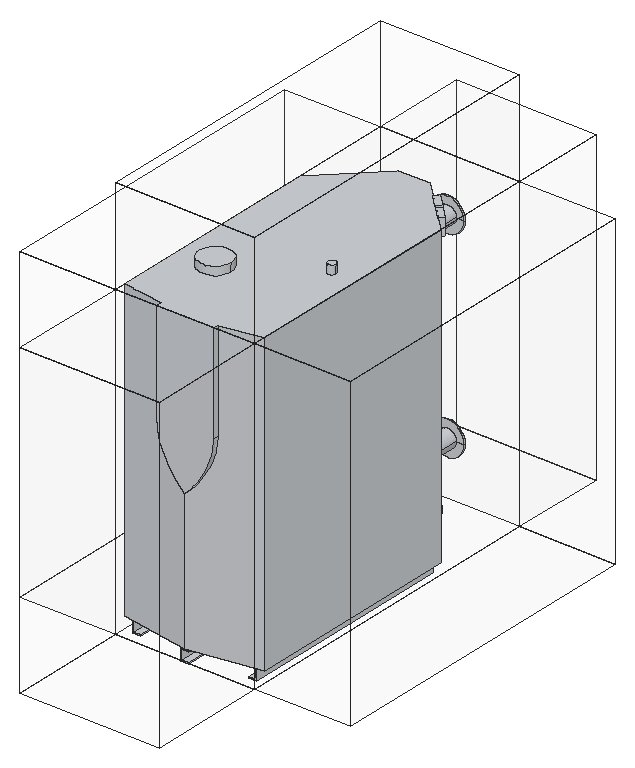
Revit family "Crest Boiler FBD2501-6001", category Mechanical Equipment, Revit 2016
Family settings
  Part Type = Normal
  Round Connector Dimension = Use Radius
  OmniClass Number = 23.65.35.11.17
  OmniClass Title = Thermodynamic Water Heaters
  Work Plane-Based = No
  Always vertical = Yes
  Cut with Voids When Loaded = No
  Shared = No
  Room Calculation Point = No
Parameters (values of type "FBD2501")
  WATER CONN SIZE = Water Conn Radius * 2  # 4"
  G_Boiler Drain Height = 11 1/4"
  F_Water Inlet Height = 13 1/2"
  E_Water Outlet Height = 63 3/4"
  Water Conn Radius = 2"
  VENT SIZE = Vent Radius * 2  # 9"
  SES BIM Studio # = "18 0649 04-2"
  GAS CONN SIZE = Gas Conn Radius * 2  # 2"
  N_Air Inlet Offset = 9 1/4"
  Vent Radius = 4 1/2"
  R_ Vent Offset = 7 1/4"
  Top Clearance = 24"
  Right Clearance = 24"
  Left Clearance = 24"
  Front Clearance = 30"
  Curve Position = 7 1/4"
  Condensate Length from Vent CL = -7 1/2"
  Clearance Visibility [instance] = yes
  Back of Unit to CL of Vent = 4 1/4"
  B_WIDTH = 35"
  Voltage/Heater = "120/1PH"
  Voltage/Control = "24"
  URL = ""
  Total Amps = "10.2"
  Model = MODEL NO.  # "FBD2501"
  Manufacturer = "Lochinvar"
  MODEL NO. = "FBD2501"
  A_HEIGHT = 77 3/4"
  Gas Conn Radius = 1"
  O_Width to Gas = 28 3/4"
  L_Depth to Vent = 76 1/4"
  P_Gas Conn Offset = 32"
  GALLON CAPACITY = "161"
  K_DEPTH = 83 1/4"
  D_Water Outlet Offset = 83 3/4"
  INPUT RATE (BTUH) = "2,500,000"
  FUEL TYPE = "NATURAL/PROPANE GAS"
  Description = "CREST Duel Fuel Boiler"
  Fuel Type = "Natural or LP"
  M_Air Inlet Offset = 19 3/4"
  Air Inlet Radius = 4"
  Back Clearance = 24"
  AIR INLET SIZE = Air Inlet Radius * 2  # 8"
  # of Electrical Connections = "1"
Types (7): name | WATER CONN SIZE | G_Boiler Drain Height | F_Water Inlet Height | E_Water Outlet Height | Water Conn Radius | VENT SIZE | GAS CONN SIZE | N_Air Inlet Offset | Vent Radius | R_ Vent Offset | Curve Position | Condensate Length from Vent CL | Back of Unit to CL of Vent | B_WIDTH | Voltage/Heater | Total Amps | Model | MODEL NO. | Gas Conn Radius | O_Width to Gas | L_Depth to Vent | P_Gas Conn Offset | GALLON CAPACITY | K_DEPTH | D_Water Outlet Offset | INPUT RATE (BTUH) | M_Air Inlet Offset | Air Inlet Radius | AIR INLET SIZE | # of Electrical Connections
  (no name) | 4" | 11 1/4" | 13 1/2" | 63 3/4" | 2" | 9" | 2" | 9 1/4" | 4 1/2" | 7 1/4" | 7 1/4" | -7 1/2" | 4 1/4" | 35" | "120/1PH" | "10.2" | "FBD2501" | "FBD2501" | 1" | 28 3/4" | 76 1/4" | 32" | "161" | 83 1/4" | 83 3/4" | "2,500,000" | 19 3/4" | 4" | 8" | "1"
  FBD2501 | 4" | 11 1/4" | 13 1/2" | 63 3/4" | 2" | 9" | 2" | 9 1/4" | 4 1/2" | 7 1/4" | 7 1/4" | -7 1/2" | 4 1/4" | 35" | "120/1PH" | "10.2" | "FBD2501" | "FBD2501" | 1" | 28 3/4" | 76 1/4" | 32" | "161" | 83 1/4" | 83 3/4" | "2,500,000" | 19 3/4" | 4" | 8" | "1"
  FBD3001 | 4" | 11 1/4" | 13 1/2" | 63 3/4" | 2" | 10" | 2" | 9 1/4" | 5" | 7 1/4" | 7 1/4" | -7 1/2" | 4 3/4" | 35" | "120/1PH" | "13.6" | "FBD3001" | "FBD3001" | 1" | 28 3/4" | 76 1/4" | 32" | "181" | 83 1/4" | 83 3/4" | "3,000,000" | 19 3/4" | 5" | 10" | "1"
  FBD3501 | 4" | 11 1/2" | 13 1/4" | 63 1/2" | 2" | 10" | 2" | 12 3/4" | 5" | 8 3/4" | 9" | -9 1/4" | 5" | 42" | "120/1PH" | "19.7" | "FBD3501" | "FBD3501" | 1" | 35 1/2" | 82" | 31 3/4" | "215" | 91" | 86 3/4" | "3,500,000" | 20 1/4" | 5" | 10" | "1"
  FBD4001 | 4" | 11 1/2" | 13 3/4" | 63 1/2" | 2" | 12" | 2 1/2" | 13 1/2" | 6" | 10 1/2" | 9 7/8" | -9" | 5 1/8" | 45 1/2" | "208/3PH" | "14" | "FBD4001" | "FBD4001" | 1 1/4" | 39 1/2" | 94" | 42 1/4" | "291" | 103" | 99" | "4,000,000" | 24 3/4" | 6" | 12" | "3"
  FBD5001 | 6" | 11 1/2" | 15" | 63 1/2" | 3" | 14" | 2 1/2" | 14" | 7" | 9" | 10 1/8" | -9 1/4" | 6 1/8" | 46 1/2" | "208/3PH" | "14" | "FBD5001" | "FBD5001" | 1 1/4" | 39 3/4" | 92 1/2" | 39 1/2" | "380" | 101 3/4" | 99 1/2" | "5,000,000" | 22" | 6" | 12" | "3"
  FBD6001 | 6" | 11 1/2" | 14 3/4" | 63 1/4" | 3" | 14" | 2 1/2" | 15 3/4" | 7" | 9 1/4" | 11" | -8 7/8" | 5 1/4" | 50" | "208/3PH" | "14" | "FBD6001" | "FBD6001" | 1 1/4" | 43 1/2" | 93 1/4" | 36 1/2" | "380" | 102 1/2" | 99 3/4" | "6,000,000" | 20" | 7" | 14" | "3"
Reference planes (in)
  plane 1 "Center (Front/Back)": y = 11.125
  plane 2: z = 0
  plane 3 "Center (Left/Right)": x = -1.39218
  plane 4 "Back": y = 52.75
  plane 5 "Front": y = -30.5
  plane 6 "Top": z = 77.75
  plane 7 "Right": x = 16.10782
  plane 8 "Left": x = -18.89218
  plane 9 "Top of Supports": z = 3
  plane 10 "Offset from Back to Boiler Back": y = 41.25
  plane 11 "Water Outlet Height": z = 63.75
  plane 12 "Water Inlet Height": z = 13.5
  plane 13 "Offset from Left to Air Inlet": x = -9.64218
  plane 14 "Offset from Front to Air": y = -10.75
  plane 15 "Offset from Left to Gas 1": x = 9.85782
  plane 16 "Offset from Front to Gas 1": y = 1.5
  plane 17 "Right Clearance": x = 40.10782
  plane 18 "Left Clearance": x = -42.89218
  plane 19: z = 101.75
  plane 20 "Front Clearance": y = -60.5
  plane 21 "Back Clearance": y = 76.75
  plane 22: x = -1.39218
  plane 23 "Drain": z = 11.25
  plane 24: y = -28.5
  plane 25 "Water Conn": y = 53.25
  plane 26 "Front of Supports": y = -27.5
  plane 27: x = -16.89218
  plane 28: x = 14.10782
  plane 29 "Front Angle": y = 27.75
  plane 30 "Back Angle 1": x = -5.39218
  plane 31 "Back Angle 2": x = 2.60782
  plane 32 "Vent C.L.": x = -11.64218
  plane 33 "Vent CL": y = 45.75
  plane 34 "Curve End": x = -4.39218
  plane 35 "Curve Ends": y = 45.5
Forms (in)
  Extrusion 1, solid
    sketch origin (-38.1296, -180, 3) x (-1, 0, 0) y (0, -1, 0)
      loop
        line (-19.23742, -149.5) -> (-54.23742, -149.5) -> (-54.23742, -207.75) -> (-40.73742, -221.25) -> (-32.73742, -221.25) -> (-19.23742, -207.75) -> (-19.23742, -149.5)
    from 74.75 to 0
  Extrusion 2, solid
    sketch origin (-38.1296, -196.80397, 3) x (-1, 0, 0) y (0, -1, 0)
      loop
        line (-19.23742, -224.55397) -> (-32.73742, -238.05397) -> (-33.73742, -238.05397) -> (-33.73742, -242.30397)
        arc (-33.73742, -242.30397) -> (-26.48742, -249.55397) -> (-19.23742, -242.30397) r 7.25
        line (-19.23742, -242.30397) -> (-19.23742, -224.55397)
    from 0 to 4
  Extrusion 3, solid
    sketch origin (-38.1296, -196.80397, 7) x (-1, 0, 0) y (0, -1, 0)
      loop
        circle (-26.48742, -242.55397) r 4.5
    from 0 to 2
  Extrusion 4, solid
    sketch origin (0, 45.75, 0) x (1, 0, 0) y (0, 0, 1)
      loop
        circle (-12.32968, 3.53632) r 0.5
      loop
        circle (-12.32968, 6.32419) r 0.25
    from 0 to -7.5 <- "Condensate Length from Vent CL"
  Extrusion 5, solid
    sketch origin (0, 0, 77.75) x (-1, 0, 0) y (0, -1, 0)
      loop
        circle (9.64218, 10.75) r 4
    from 0 to 2
  Extrusion 6, solid
    sketch origin (0, 0, 77.75) x (-1, 0, 0) y (0, -1, 0)
      loop
        circle (-9.85782, -1.5) r 1
    from 0 to 2
  Extrusion 7, solid, material "Clearance", visible <- "Clearance Visibility"
    sketch origin (0, 0, 77.75) x (-1, 0, 0) y (0, -1, 0)
      loop
        line (18.89218, 30.5) -> (18.89218, -52.75) -> (42.89218, -52.75) -> (42.89218, 30.5) -> (18.89218, 30.5)
    from 0 to -77.75
  Extrusion 8, solid, material "Clearance", visible <- "Clearance Visibility"
    sketch origin (0, 0, 77.75) x (-1, 0, 0) y (0, -1, 0)
      loop
        line (-16.10782, 30.5) -> (-40.10782, 30.5) -> (-40.10782, -52.75) -> (-16.10782, -52.75) -> (-16.10782, 30.5)
    from 0 to -77.75
  Extrusion 9, solid, material "Clearance", visible <- "Clearance Visibility"
    sketch origin (0, 0, 77.75) x (-1, 0, 0) y (0, -1, 0)
      loop
        line (18.89218, -52.75) -> (-16.10782, -52.75) -> (-16.10782, -76.75) -> (18.89218, -76.75) -> (18.89218, -52.75)
    from 0 to -77.75
  Extrusion 10, solid, material "Clearance", visible <- "Clearance Visibility"
    sketch origin (0, 0, 77.75) x (-1, 0, 0) y (0, -1, 0)
      loop
        line (18.89218, -52.75) -> (18.89218, 30.5) -> (-16.10782, 30.5) -> (-16.10782, -52.75) -> (18.89218, -52.75)
    from 0 to 24
  Extrusion 11, solid, material "Clearance", visible <- "Clearance Visibility"
    sketch origin (0, 0, 77.75) x (-1, 0, 0) y (0, -1, 0)
      loop
        line (18.89218, 30.5) -> (18.89218, 60.5) -> (-16.10782, 60.5) -> (-16.10782, 30.5) -> (18.89218, 30.5)
    from 0 to -77.75
  Extrusion 12, void
    sketch origin (0, 0, 77.75) x (-1, 0, 0) y (0, -1, 0)
      loop
        line (18.89218, 30.5) -> (1.39218, 30.5) -> (18.89218, 27.5) -> (18.89218, 30.5)
    from 0 to -77.75
  Extrusion 13, void
    sketch origin (-2.78436, 0, 77.75) x (1, 0, 0) y (0, 1, 0)
      loop
        line (18.89218, -30.5) -> (18.89218, -27.5) -> (1.39218, -30.5) -> (18.89218, -30.5)
    from 0 to -77.75
  Extrusion 14, solid
    sketch origin (0, 11.125, 0) x (1, 0, 0) y (0, 0, 1)
      loop
        line (-8.57968, 77.75) -> (-8.57968, 52.75)
        spline (-8.57968, 52.75) -> (-8.51975, 51.41799) -> (-8.34361, 50.09316) -> (-8.05672, 48.77854) -> (-7.66454, 47.47717) -> (-7.17253, 46.19205) -> (-6.58616, 44.92623) -> (-5.91088, 43.68272) -> (-5.15217, 42.46455) -> (-4.31548, 41.27475) -> (-3.40628, 40.11634) -> (-2.43002, 38.99235) -> (-1.39218, 37.9058)
        spline (-1.39218, 37.9058) -> (-0.35434, 38.99235) -> (0.62192, 40.11634) -> (1.53112, 41.27475) -> (2.36781, 42.46455) -> (3.12652, 43.68272) -> (3.8018, 44.92623) -> (4.38817, 46.19205) -> (4.88018, 47.47717) -> (5.27236, 48.77854) -> (5.55925, 50.09316) -> (5.73539, 51.41799) -> (5.79532, 52.75)
        line (5.79532, 52.75) -> (5.79532, 77.75) -> (-1.39218, 77.75) -> (-8.57968, 77.75)
    from 39.625 to 41.625
  Revolve 15, solid
    sketch origin (25.40384, 0, 63.75) x (1, 0, 0) y (0, 1, 0)
      loop
        line (-29.79602, 41.25) -> (-29.79602, 53.25) -> (-32.04602, 53.25) -> (-32.04602, 53) -> (-30.04602, 53) -> (-30.04602, 41.25) -> (-29.79602, 41.25)
      axis (-27.79602, 41.25) -> (-27.79602, 53.25)
    angle from 0 to 360
  Revolve 16, solid
    sketch origin (53.08128, 0, 13.5) x (1, 0, 0) y (0, 1, 0)
      loop
        line (-57.47346, 41.25) -> (-57.47346, 53.25) -> (-59.72346, 53.25) -> (-59.72346, 53) -> (-57.72346, 53) -> (-57.72346, 41.25) -> (-57.47346, 41.25)
      axis (-55.47346, 41.25) -> (-55.47346, 53.25)
    angle from 0 to 360
  Extrusion 17, solid
    sketch origin (0.125, -13.125, 0) x (1, 0, 0) y (0, 0, 1)
      loop
        line (13.98282, 3) -> (11.98282, 3) -> (11.98282, 2.75) -> (13.73282, 2.75) -> (13.73282, 0.25) -> (11.98282, 0.25) -> (11.98282, 0) -> (13.98282, 0) -> (13.98282, 3)
    from 14.375 to -40.875
  Extrusion 18, solid
    sketch origin (-2.90936, -13.125, 0) x (-1, 0, 0) y (0, 0, -1)
      loop
        line (13.98282, -3) -> (13.98282, 0) -> (11.98282, 0) -> (11.98282, -0.25) -> (13.73282, -0.25) -> (13.73282, -2.75) -> (11.98282, -2.75) -> (11.98282, -3) -> (13.98282, -3)
    from 14.375 to -40.875
  Extrusion 19, solid
    sketch origin (11.21564, -13.125, 0) x (-1, 0, 0) y (0, 0, -1)
      loop
        line (13.60782, -3) -> (13.60782, 0) -> (11.60782, 0) -> (11.60782, -0.25) -> (13.35782, -0.25) -> (13.35782, -2.75) -> (11.60782, -2.75) -> (11.60782, -3) -> (13.60782, -3)
    from 17.375 to -54.375
  Extrusion 20, solid
    sketch origin (2.60782, 41.25, 3) x (0.707107, -0.707107, 0) y (0, 0, -1)
      loop
        line (14.07631, -74.75) -> (14.07631, -70.75) -> (10.07631, -70.75) -> (10.07631, -74.75) -> (14.07631, -74.75)
      loop
        line (9.07631, -74.75) -> (9.07631, -70.75) -> (5.07631, -70.75) -> (5.07631, -74.75) -> (9.07631, -74.75)
    from 0 to 1.5
  Extrusion 21, solid
    sketch origin (2.60782, 41.25, 3) x (0.707107, -0.707107, 0) y (0, 0, -1)
      loop
        circle (12.57669, -8.25) r 0.75
    from 0 to 1
Cuts and joins
  Extrusion 12, Extrusion 13 cuts Extrusion 1
  joined: Extrusion 1, Extrusion 14, Revolve 15, Revolve 16
  joined: Extrusion 2, Extrusion 4
Dimensions and locks (in)
  "A_HEIGHT": plane 6 "Top" to level
  equal spacing: plane 8 "Left", plane 3 "Center (Left/Right)", plane 7 "Right"
  "B_WIDTH": plane 8 "Left" to plane 7 "Right"
  equal spacing: plane 5 "Front", plane 1 "Center (Front/Back)", plane 4 "Back"
  Extrusion 1 to Extrusion 4 sketch curve = 6 9/16"  (x2)
  equal spacing: Extrusion 1 sketch curve, plane 3 "Center (Left/Right)", Extrusion 1 sketch curve
  Extrusion 1 sketch curve to Extrusion 1 sketch curve = 8"
  locked: Extrusion 3 to Extrusion 2 at 2
  "E_Water Outlet Height": level to plane 11 "Water Outlet Height"
  "F_Water Inlet Height": level to plane 12 "Water Inlet Height"
  "N_Air Inlet Offset": plane 8 "Left" to plane 13 "Offset from Left to Air Inlet"
  "O_Width to Gas": plane 8 "Left" to plane 15 "Offset from Left to Gas 1"
  "P_Gas Conn Offset": plane 5 "Front" to plane 16 "Offset from Front to Gas 1"
  "M_Air Inlet Offset": plane 5 "Front" to plane 14 "Offset from Front to Air"
  "Top Clearance": plane 6 "Top" to plane 19
  "Front Clearance": plane 20 "Front Clearance" to plane 5 "Front"
  "Left Clearance": plane 18 "Left Clearance" to plane 8 "Left"
  "Right Clearance": plane 7 "Right" to plane 17 "Right Clearance"
  Extrusion 14 sketch curve to plane 3 "Center (Left/Right)" to Extrusion 14 sketch curve = 7 3/16" locked, 7 3/16" locked
  locked: cut or joined group of Extrusion 1, Extrusion 12, Extrusion 13, Extrusion 14, Revolve 15, Revolve 16 to Extrusion 14 sketch curve at 25
  locked: plane 6 "Top" to Extrusion 14 sketch curve at 25
  "K_DEPTH": plane 5 "Front" to plane 4 "Back"
  "Back Clearance": plane 4 "Back" to plane 21 "Back Clearance"
  locked: Revolve 15 sketch curve to Revolve 15 sketch curve at 0.25  (x2)
  "Water Conn Radius": Revolve 15 sketch curve to Revolve 15 sketch curve
  locked: Revolve 15 sketch curve to Revolve 15 sketch curve at 2
  locked: Revolve 16 sketch curve to Revolve 16 sketch curve at 0.25  (x2)
  "Water Conn Radius": Revolve 16 sketch curve to Revolve 16 sketch curve
  locked: Revolve 16 sketch curve to Revolve 16 sketch curve at 2
  locked: plane 5 "Front" to plane 24 at 2
  "D_Water Outlet Offset": plane 5 "Front" to plane 25 "Water Conn"
  locked: plane 5 "Front" to plane 26 "Front of Supports" at 3
  locked: plane 8 "Left" to plane 27 at 2
  locked: plane 28 to plane 7 "Right" at 2
  locked: Extrusion 17 to plane 28 at 2  (x2)
  locked: plane 27 to Extrusion 18 at 2  (x2)
  "G_Boiler Drain Height": plane 2 to plane 23 "Drain"
  "R_ Vent Offset": plane 8 "Left" to plane 32 "Vent C.L."
  "L_Depth to Vent": plane 5 "Front" to plane 33 "Vent CL"
  locked: Extrusion 20 sketch curve to Extrusion 20 sketch curve at 4  (x2)
  locked: Extrusion 20 sketch curve to Extrusion 20 sketch curve at 1
  "Curve Position": plane 35 "Curve Ends" to plane 4 "Back"
  locked: plane 29 "Front Angle" to plane 10 "Offset from Back to Boiler Back" at 13.5
  "Back of Unit to CL of Vent": plane 35 "Curve Ends" to plane 10 "Offset from Back to Boiler Back"
  "Vent Radius": radius of Extrusion 3 sketch curve
  "Air Inlet Radius": radius of Extrusion 5 sketch curve
  "Gas Conn Radius": radius of Extrusion 6 sketch curve
  aligned and locked: Extrusion 1 sketch curve to plane 10 "Offset from Back to Boiler Back"
  aligned and locked: plane 5 "Front" to Extrusion 1
  aligned and locked: plane 6 "Top" to Extrusion 1
  aligned and locked: Extrusion 6 to Extrusion 5
  aligned and locked: Extrusion 7 sketch curve to Extrusion 1  (x2)
  aligned and locked: Extrusion 1 to Extrusion 8 sketch curve
  aligned and locked: Extrusion 8 sketch curve to Extrusion 1
  aligned and locked: Extrusion 9 sketch curve to Extrusion 7  (x2)
  aligned and locked: Extrusion 9 sketch curve to plane 7 "Right"
  aligned and locked: Extrusion 10 sketch curve to Extrusion 9
  aligned and locked: Extrusion 10 sketch curve to Extrusion 7
  aligned and locked: Extrusion 10 sketch curve to Extrusion 1
  aligned and locked: Extrusion 10 sketch curve to Extrusion 8
  aligned and locked: Extrusion 11 sketch curve to Extrusion 1
  aligned and locked: Extrusion 11 sketch curve to Extrusion 7
  aligned and locked: plane 7 "Right" to Extrusion 11 sketch curve
  aligned and locked: plane 13 "Offset from Left to Air Inlet" to Extrusion 5 sketch curve
  aligned and locked: plane 14 "Offset from Front to Air" to Extrusion 5 sketch curve
  aligned and locked: plane 16 "Offset from Front to Gas 1" to Extrusion 6 sketch curve
  aligned and locked: plane 15 "Offset from Left to Gas 1" to Extrusion 6 sketch curve
  aligned and locked: Extrusion 11 to plane 20 "Front Clearance"
  aligned and locked: plane 18 "Left Clearance" to Extrusion 7
  aligned and locked: Extrusion 8 to plane 17 "Right Clearance"
  aligned and locked: plane 21 "Back Clearance" to Extrusion 9
  aligned and locked: plane 8 "Left" to Extrusion 12 sketch curve
  aligned and locked: Extrusion 12 sketch curve to plane 5 "Front"
  aligned and locked: plane 3 "Center (Left/Right)" to Extrusion 12 sketch curve
  aligned and locked: Extrusion 13 sketch curve to plane 7 "Right"
  aligned and locked: plane 5 "Front" to Extrusion 13 sketch curve
  aligned and locked: plane 3 "Center (Left/Right)" to Extrusion 13 sketch curve
  aligned and locked: plane 6 "Top" to Extrusion 14 sketch curve  (x2)
  aligned and locked: plane 3 "Center (Left/Right)" to plane 22
  aligned: plane 5 "Front" to Extrusion 14
  aligned and locked: Extrusion 11 to plane 5 "Front"
  aligned and locked: Extrusion 1 sketch curve to plane 5 "Front"
  aligned and locked: plane 5 "Front" to Extrusion 14
  aligned and locked: Extrusion 14 to plane 24
  aligned and locked: plane 25 "Water Conn" to Revolve 15 sketch curve
  aligned and locked: Extrusion 1 to plane 9 "Top of Supports"
  aligned and locked: plane 5 "Front" to Extrusion 19
  aligned and locked: Extrusion 2 to Extrusion 19
  aligned and locked: plane 26 "Front of Supports" to Extrusion 17
  aligned and locked: plane 26 "Front of Supports" to Extrusion 18
  aligned and locked: plane 27 to Extrusion 18
  aligned and locked: Extrusion 17 to plane 28
  aligned and locked: plane 10 "Offset from Back to Boiler Back" to Revolve 15 sketch curve
  aligned and locked: plane 10 "Offset from Back to Boiler Back" to Revolve 16 sketch curve
  aligned and locked: Extrusion 18 to plane 29 "Front Angle"
  aligned and locked: Extrusion 17 to plane 29 "Front Angle"
  aligned and locked: plane 32 "Vent C.L." to Extrusion 3 sketch curve
  aligned and locked: plane 33 "Vent CL" to Extrusion 3 sketch curve
  aligned and locked: cut or joined group of Extrusion 1, Extrusion 12, Extrusion 13, Extrusion 14, Revolve 15, Revolve 16 to Extrusion 2 sketch curve
  aligned and locked: plane 23 "Drain" to Extrusion 21 sketch curve
  aligned and locked: plane 35 "Curve Ends" to Extrusion 2 sketch curve
  aligned and locked: plane 29 "Front Angle" to Extrusion 1 sketch curve  (x2)
  aligned and locked: plane 10 "Offset from Back to Boiler Back" to Extrusion 19
Automatic sketch dimensions
  plane 4 "Back" to Extrusion 7 sketch curve = 0"
  Extrusion 7 sketch curve to plane 18 "Left Clearance" = 0"
  Extrusion 8 sketch curve to plane 17 "Right Clearance" = 0"
  plane 4 "Back" to Extrusion 8 sketch curve = 0"
  Extrusion 9 sketch curve to plane 21 "Back Clearance" = 0"
  Extrusion 11 sketch curve to plane 20 "Front Clearance" = 0"
  Extrusion 12 sketch curve to plane 24 = 1"
  plane 24 to Extrusion 13 sketch curve = 1"
  Extrusion 14 sketch curve to plane 3 "Center (Left/Right)" = 0"  (x2)
  Extrusion 14 sketch curve to Extrusion 14 sketch curve = 14.8442"
  Extrusion 17 sketch curve to level = 0"
  Extrusion 17 sketch curve to plane 9 "Top of Supports" = 0"
  Extrusion 17 sketch curve to Extrusion 17 sketch curve = 1 3/4"  (x2)
  Extrusion 17 sketch curve to Extrusion 17 sketch curve = 1/4"  (x2)
  level to Extrusion 17 sketch curve = 1/4"
  Extrusion 19 sketch curve to level = 0"
  Extrusion 19 sketch curve to plane 3 "Center (Left/Right)" = 1"  (x2)
  plane 9 "Top of Supports" to Extrusion 19 sketch curve = 0"
  plane 3 "Center (Left/Right)" to Extrusion 19 sketch curve = 3/4"
  Extrusion 19 sketch curve to Extrusion 19 sketch curve = 1/4"  (x2)
  Extrusion 19 sketch curve to level = 1/4"
  plane 28 to Extrusion 17 sketch curve = 0"
  Extrusion 18 sketch curve to level = 0"
  Extrusion 18 sketch curve to plane 9 "Top of Supports" = 0"
  plane 27 to Extrusion 18 sketch curve = 0"
  plane 27 to Extrusion 18 sketch curve = 1/4"
  Extrusion 18 sketch curve to Extrusion 18 sketch curve = 1 3/4"  (x2)
  plane 9 "Top of Supports" to Extrusion 18 sketch curve = 1/4"
  Extrusion 18 sketch curve to Extrusion 18 sketch curve = 1/4"
  Extrusion 2 sketch curve to plane 10 "Offset from Back to Boiler Back" = 0"
  Extrusion 2 sketch curve to plane 8 "Left" = 0"
  Extrusion 2 sketch curve to plane 34 "Curve End" = 0"
  plane 9 "Top of Supports" to Extrusion 4 sketch curve = 0.53632"
  Extrusion 4 sketch curve to Extrusion 4 sketch curve = 2.78787"
  Extrusion 20 sketch curve to Extrusion 1 = 0"  (x2)
  Extrusion 1 to Extrusion 20 sketch curve = 5.01557"
  Extrusion 1 to Extrusion 20 sketch curve = 4"
  Extrusion 20 sketch curve to Extrusion 20 sketch curve = 0"
  Extrusion 1 to Extrusion 21 sketch curve = 6.51519"
  Extrusion 1 sketch curve to plane 7 "Right" = 0"
  Extrusion 1 sketch curve to plane 8 "Left" = 0"
  Revolve 15 sketch curve to plane 34 "Curve End" = 0"
  Revolve 15 sketch curve to plane 25 "Water Conn" = 0.20888"
  Revolve 15 sketch curve to Revolve 15 sketch curve = 0.6131"
  plane 25 "Water Conn" to Revolve 16 sketch curve = 0"
  Revolve 16 sketch curve to plane 34 "Curve End" = 0"
  Revolve 16 sketch curve to plane 25 "Water Conn" = 0.20888"
  Revolve 16 sketch curve to Revolve 16 sketch curve = 0.6131"
  radius of Extrusion 4 sketch curve = 1/2"
  radius of Extrusion 4 sketch curve = 1/4"
  radius of Extrusion 21 sketch curve = 3/4"
Connectors (in)
  hvac at (-9.64218, -10.75, 79.75), driven by "Air Inlet Radius"
    settings: on Extrusion 5, index 1, duct flow 0 CFM, flow factor 0, pres drop 0.00 in-wg, loss coef 0, conn angle 0.00°, conn width 12", conn height 12", conn diameter 8", duct sys type 1, conn prof type 0, flow config 0, flow direction 1, loss method 0, conn ref index -1, conn util no, is conn primary yes, conn desc "Air Inlet"
  hvac at (-11.64218, 45.75, 9), driven by "Vent Radius"
    settings: on Extrusion 3, index 2, duct flow 0 CFM, flow factor 0, pres drop 0.00 in-wg, loss coef 0, conn angle 0.00°, conn width 12", conn height 12", conn diameter 9", duct sys type 3, conn prof type 0, flow config 0, flow direction 2, loss method 0, conn ref index -1, conn util no, is conn primary no, conn desc "Flue"
  piping at (9.85782, 1.5, 79.75), diameter 2, driven by "Gas Conn Radius"
    settings: on Extrusion 6, index 5, connector inside diameter 1 1/2", connector length 0", flow factor 0, pipe flow 0 GPM, pressure drop 0.00 psi, fitting loss kfactor 0, connector angle 0.00°, fixture units 0, engagement length 0", angle of deflection 0.00°, flow configuration 1, flow direction 1, fitting loss method 0, system type 22, joint type 0, gender type 0, connector reference index -1, connector utility 0, adjustable connector no, is connector primary yes, connector description "Gas Conn"
  piping at (-2.39218, 53.25, 63.75), diameter 4, driven by "Water Conn Radius"
    settings: on Revolve 15, index 10, connector inside diameter 4", connector length 0", flow factor 0, pipe flow 0 GPM, pressure drop 0.00 psi, fitting loss kfactor 0, connector angle 0.00°, fixture units 0, engagement length 0", angle of deflection 0.00°, flow configuration 0, flow direction 2, fitting loss method 0, system type 7, joint type 0, gender type 0, connector reference index -1, connector utility 0, adjustable connector no, is connector primary no, connector description "Water Outlet"
  piping at (-2.39218, 53.25, 13.5), diameter 4, driven by "Water Conn Radius"
    settings: on Revolve 16, index 11, connector inside diameter 4", connector length 0", flow factor 0, pipe flow 0 GPM, pressure drop 0.00 psi, fitting loss kfactor 0, connector angle 0.00°, fixture units 0, engagement length 0", angle of deflection 0.00°, flow configuration 0, flow direction 1, fitting loss method 0, system type 8, joint type 0, gender type 0, connector reference index -1, connector utility 0, adjustable connector no, is connector primary no, connector description "Water Inlet"
  piping at (-12.32968, 53.25, 3.53632), diameter 1
    settings: on cut or joined group of Extrusion 2, Extrusion 4, index 12, connector inside diameter 24", connector length 0", flow factor 0, pipe flow 0 GPM, pressure drop 0.00 psi, fitting loss kfactor 0, connector angle 0.00°, fixture units 0, engagement length 0", angle of deflection 0.00°, flow configuration 3, flow direction 2, fitting loss method 0, system type 16, joint type 0, gender type 0, connector reference index -1, connector utility 0, adjustable connector no, is connector primary no, connector description "Condensate Drain"
  piping at (12.20799, 33.06404, 11.25), diameter 1.5
    settings: on Extrusion 21, index 13, connector inside diameter 24", connector length 0", flow factor 0, pipe flow 0 GPM, pressure drop 0.00 psi, fitting loss kfactor 0, connector angle 0.00°, fixture units 0, engagement length 0", angle of deflection 0.00°, flow configuration 0, flow direction 2, fitting loss method 0, system type 16, joint type 0, gender type 0, connector reference index -1, connector utility 0, adjustable connector no, is connector primary no, connector description "Boiler Drain"
  electrical at (12.20772, 33.77142, 75.75)
    settings: on Extrusion 20, index 14, voltage 0 V, apparent load 0 VA, apparent load phase1 0 VA, apparent load phase2 0 VA, apparent load phase3 0 VA, power factor 1, load classification "Other", number of poles 1, system type 31, power factor state 1, is connector primary yes, connector utility no, sub classification motor no, connector description "Line Voltage"
  electrical at (8.67219, 37.30695, 75.75)
    settings: on Extrusion 20, index 15, voltage 0 V, apparent load 0 VA, apparent load phase1 0 VA, apparent load phase2 0 VA, apparent load phase3 0 VA, power factor 1, load classification "Other", number of poles 1, system type 13, power factor state 1, is connector primary no, connector utility no, sub classification motor no, connector description "Low Voltage"
